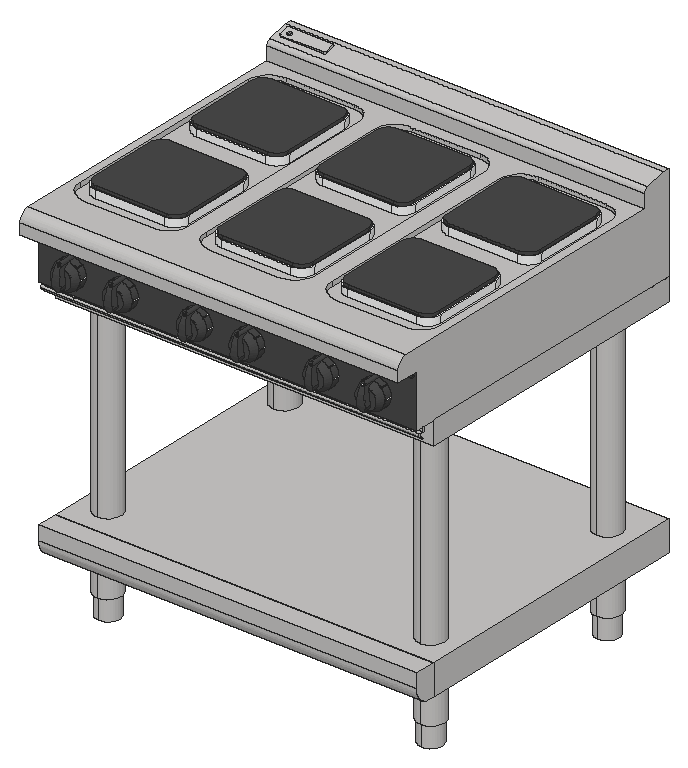
Revit family "QF_Moffat_RNLB8600SE-LS_Electric_Cooktops_Sealed_Hobs_cat", category Specialty Equipment, Revit 2019 (continued)
Definition of nested family "QF_LOGO_Waldorf"
  Automatic sketch dimensions
    Extrusion 1 sketch curve to Extrusion 1 sketch curve = 19.783 mm
    Extrusion 1 sketch curve to Extrusion 1 sketch curve = 7.592 mm
    plane 3 "LEFT" to Extrusion 2 sketch curve = 15.25 mm
    Extrusion 2 sketch curve to Extrusion 2 sketch curve = 4.325 mm
    plane 3 "LEFT" to Extrusion 3 sketch curve = 14.75 mm
    Extrusion 3 sketch curve to Extrusion 3 sketch curve = 4.325 mm
    Extrusion 1 to Split face 1 sketch curve = 6.879 mm
    Split face 1 sketch curve to Extrusion 1 = 5.728 mm
    Split face 1 sketch curve to Split face 1 sketch curve = 3.132 mm
    Split face 1 sketch curve to Split face 1 sketch curve = 4.068 mm
    Split face 1 sketch curve to Split face 1 sketch curve = 3.051 mm
    Split face 1 sketch curve to Split face 1 sketch curve = 4.203 mm
    Split face 1 sketch curve to Split face 1 sketch curve = 2.916 mm
    Split face 1 sketch curve to Split face 1 sketch curve = 3.456 mm
    Split face 1 sketch curve to Split face 1 sketch curve = 2.934 mm
    Split face 1 sketch curve to Split face 1 sketch curve = 4.131 mm
    Split face 1 sketch curve to Split face 1 sketch curve = 3.96 mm
    Split face 1 sketch curve to Split face 1 sketch curve = 0 mm  (x2)
    Split face 1 sketch curve to Extrusion 1 = 9.736 mm  (x2)
    Extrusion 1 to Split face 1 sketch curve = 6.337 mm
    Extrusion 1 to Split face 1 sketch curve = 6.231 mm
    Extrusion 1 to Split face 1 sketch curve = 3.184 mm
    Extrusion 1 to Split face 1 sketch curve = 13.135 mm
    Split face 1 sketch curve to Split face 1 sketch curve = 4.652 mm
    Split face 1 sketch curve to Split face 1 sketch curve = 3.593 mm
    Split face 1 sketch curve to Split face 1 sketch curve = 1.863 mm
    Split face 1 sketch curve to Split face 1 sketch curve = 0.713 mm
    Split face 1 sketch curve to Split face 1 sketch curve = 2.684 mm
    Split face 1 sketch curve to Split face 1 sketch curve = 3.294 mm
    Split face 1 sketch curve to Split face 1 sketch curve = 0.459 mm
    Split face 1 sketch curve to Split face 1 sketch curve = 2.775 mm
    Split face 1 sketch curve to Split face 1 sketch curve = 1.89 mm
    Split face 1 sketch curve to Split face 1 sketch curve = 0.685 mm
    Split face 1 sketch curve to Split face 1 sketch curve = 9.486 mm
    Split face 1 sketch curve to Split face 1 sketch curve = 16.213 mm
    Split face 1 sketch curve to Split face 1 sketch curve = 3.48 mm
    Split face 1 sketch curve to Split face 1 sketch curve = 4.918 mm
    Split face 1 sketch curve to Split face 1 sketch curve = 7.609 mm
    Split face 1 sketch curve to Split face 1 sketch curve = 0.01 mm  (x2)
    Split face 1 sketch curve to Split face 1 sketch curve = 0.002 mm
    Split face 2 sketch curve to Extrusion 1 = 11.169 mm
    Extrusion 1 to Split face 2 sketch curve = 25.647 mm
    Split face 2 sketch curve to Split face 2 sketch curve = 3.72 mm
    Split face 2 sketch curve to Extrusion 1 = 11.965 mm
    Split face 2 sketch curve to Split face 2 sketch curve = 0.371 mm
    Split face 2 sketch curve to Extrusion 1 = 6.602 mm
    Split face 2 sketch curve to Split face 2 sketch curve = 2.689 mm
    Split face 2 sketch curve to Split face 2 sketch curve = 0.318 mm
    Split face 2 sketch curve to Split face 2 sketch curve = 3.729 mm
    Split face 2 sketch curve to Split face 2 sketch curve = 0.414 mm
    Split face 2 sketch curve to Split face 2 sketch curve = 0.875 mm
    Split face 2 sketch curve to Split face 2 sketch curve = 0.878 mm
    Split face 3 sketch curve to Extrusion 1 = 8.597 mm
    Extrusion 1 to Split face 3 sketch curve = 29.688 mm
    Split face 3 sketch curve to Extrusion 1 = 9.264 mm
    Split face 3 sketch curve to Split face 3 sketch curve = 2.326 mm
    Split face 4 sketch curve to Extrusion 1 = 5.728 mm
    Extrusion 1 to Split face 4 sketch curve = 38.08 mm
    Split face 4 sketch curve to Split face 4 sketch curve = 3.843 mm
    Split face 4 sketch curve to Extrusion 1 = 9.736 mm
    Split face 5 sketch curve to Extrusion 1 = 9.736 mm
    Split face 5 sketch curve to Extrusion 1 = 43.205 mm
    Split face 5 sketch curve to Extrusion 1 = 6.679 mm
    Split face 5 sketch curve to Split face 5 sketch curve = 0.342 mm
    Split face 5 sketch curve to Split face 5 sketch curve = 3.375 mm
    Split face 5 sketch curve to Split face 5 sketch curve = 0.952 mm
    Split face 5 sketch curve to Split face 5 sketch curve = 3.998 mm
    Split face 6 sketch curve to Extrusion 1 = 7.499 mm
    Split face 6 sketch curve to Extrusion 1 = 44.727 mm
    Split face 6 sketch curve to Split face 6 sketch curve = 2.07 mm
    Split face 7 sketch curve to Extrusion 1 = 5.305 mm
    Split face 7 sketch curve to Extrusion 1 = 32.551 mm
    Split face 7 sketch curve to Split face 7 sketch curve = 4.443 mm
    Split face 8 sketch curve to Extrusion 1 = 7.654 mm
    Split face 8 sketch curve to Extrusion 1 = 32.551 mm
    Split face 8 sketch curve to Split face 8 sketch curve = 2.095 mm
    Split face 9 sketch curve to Extrusion 1 = 5.728 mm
    Split face 9 sketch curve to Extrusion 1 = 25.521 mm
    Split face 9 sketch curve to Split face 9 sketch curve = 3.519 mm
    Split face 9 sketch curve to Split face 9 sketch curve = 0.315 mm
    Split face 9 sketch curve to Split face 9 sketch curve = 3.33 mm
    Split face 9 sketch curve to Split face 9 sketch curve = 3.248 mm
    Split face 9 sketch curve to Split face 9 sketch curve = 1.795 mm
    Split face 9 sketch curve to Split face 9 sketch curve = 3.36 mm
    Split face 9 sketch curve to Split face 9 sketch curve = 1.545 mm
    Split face 9 sketch curve to Split face 9 sketch curve = 0.233 mm
    Split face 10 sketch curve to Extrusion 1 = 18.106 mm
    Split face 10 sketch curve to Split face 10 sketch curve = 1.188 mm  (x2)
    Split face 10 sketch curve to Split face 10 sketch curve = 3.285 mm
    Split face 10 sketch curve to Split face 10 sketch curve = 3.789 mm
    Split face 10 sketch curve to Split face 10 sketch curve = 0 mm  (x2)
    Split face 10 sketch curve to Split face 10 sketch curve = 1.629 mm
    Split face 10 sketch curve to Split face 10 sketch curve = 2.133 mm
    Split face 10 sketch curve to Extrusion 1 = 5.728 mm
    Split face 10 sketch curve to Split face 10 sketch curve = 6.245 mm
    Split face 10 sketch curve to Split face 10 sketch curve = 1.907 mm  (x2)
    Split face 10 sketch curve to Split face 10 sketch curve = 1.197 mm
    Split face 10 sketch curve to Split face 10 sketch curve = 2.19 mm
